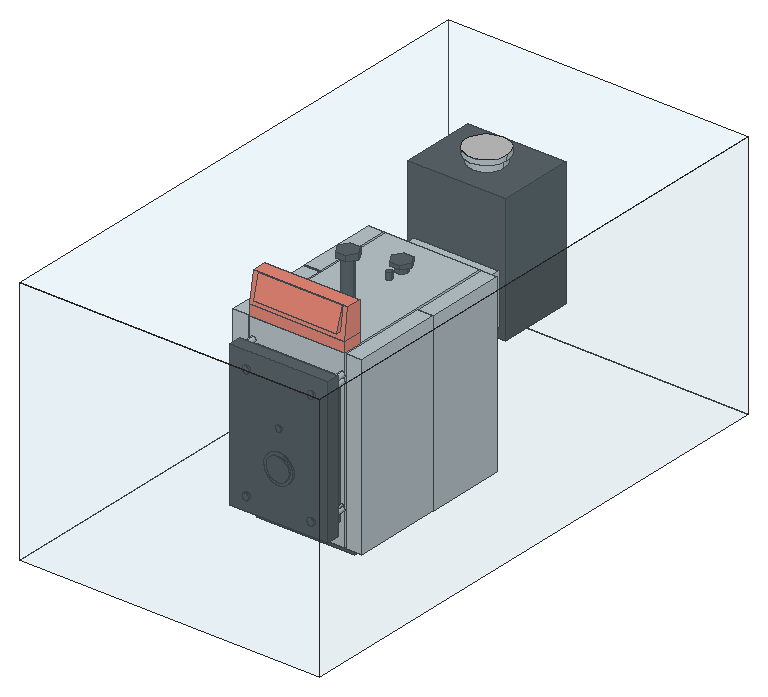
Revit family "VIESSMANN - Vitoradial 300-T", category Wyposażenie mechaniczne, Revit 2017
Family settings
  Wymiar okrągłego złącza = Użyj średnicy
  Typ części = Normalny
  Numer OmniClass = 23.15.30.27.21
  Tytuł OmniClass = Gas Tanks and Gasholders
  Oparty na płaszczyźnie roboczej = Nie
  Zawsze pionowo = Tak
  Tnij formami wycięć po wczytaniu = Tak
  Współdzielony = Nie
  Punkt obliczania pomieszczeń = Nie
Parameters (values of type "VR3 101kW")
  Średnica a = 2 * Promień a  # 135 mm
  Viessmann Kolor 4 = Viessmann Kolor 4
  Promień b = 85 mm
  Promień a = 67.5 mm
  Wysokość e = 650 mm
  Wysokość d = 440 mm
  Wysokość = 1085 mm
  Szerokość = 755 mm
  Strefa serwisowa [instance] = yes
  Długość WT = 440 mm
  r+62 = Występ króćca spalin bez WT + 62 mm  # 237 mm
  Występ króćca spalin bez WT = 175 mm
  Wysokośc przyłącza splain bez WT = 1460 mm
  Szerokość podestu = 575 mm
  Wysokość konsoli = 1315 mm
  Znamionowe obciążenie cieplne = 97000 W
  Wysokość spustu = 200 mm
  Wysokość króćća zasilania z kotła = 1145 mm
  Wysokość fundamentu = 100 mm  # constant formula
  Wysokośc powrotu do kotła = 1370 mm
  Viessmann Kolor 3 = Viessmann Kolor 3
  Viessmann Kolor 2 = Viessmann Kolor 2
  Viessmann Kolor 1 = Viessmann Kolor 1
  URL = "https://www.viessmann-projektant.pl/baza-urzadzen/kotly-stojace-sredniej-i-duzej-mocy-70-kw/vitoradial300tvr3"
  Szerokość fundamentu = 760 mm
  Straty energii dyżurnej qB,70 = "1.5 %"
  Spust = 1 1/4"  # constant formula
  Sprawność znormalizowana (do eksploatacji na olej opałowy) przy temp. systemu grzewczego 75/60°C = "97 (Hs)/103 (Hi) [%]"  # constant formula
  Przyłącze zabezpieczające (zawór bezpieczeństwa) = 1 1/4"
  Przyłącze spalin = 200 mm  # constant formula
  Przepływ maksymalny = ((Moc nominalna / 20 W) * 0.24 L/s) / 1000  # 1.212 L/s
  Producent = "Viessmann Sp.z.o.o."  # constant formula
  Pojemność wodna kotła = 185.0 L
  Parametry spalin - temperatura (przy temp. wody na powrocie wyn. 60°C) = 60 °C
  Parametry spalin - przy znamionowej mocy cieplnej (przy temp. wody na powrocie wyn. 30°C) = 35 °C
  Parametry spalin - przy obciążeniu częściowym (przy temp. wody na powrocie wyn. 30°C) = 30 °C
  Parametry spalin - przepływ masowy spalin w przypadku gazu ziemnego = "1.5225 x moc spalania w kW"  # constant formula
  Parametry spalin - przepływ masowy przy zastosowaniu lekkiego oleju opałowego = "1.5 x moc spalania w kW"  # constant formula
  Parametry spalin - dyspozycyjne ciśnienie tłoczenia na króćcu spalin = 70.0 Pa  # constant formula
  PN 6 DN - zasilanie z kotła = 65 mm
  PN 6 DN - powrót do kotła = 65 mm
  Opór przepływu spalin = 55.0 Pa
  Opory przepływu = 220.0 Pa
  Opis indeksowy = "CE-0035BU104"  # constant formula
  Opis = "Olejowo-gazowy kocioł grzewczy"  # constant formula
  Odsunięcie strefy serwisowej z przodu = 800 mm
  Odsunięcie przyłącza zabezpieczającego = 320 mm
  Odsunięcie powrotu do kotła = 620 mm
  Odsunięcie króćca zasilania z kotła = 165 mm
  Numer identyfikacyjny produktu = "CE-0035BU104"  # constant formula
  Model = "Olejowo-gazowy kocioł kondensacyjny Viessmann Vitoradial 300-T VR3 101kW / Oil-gas condensing boiler Viessmann Vitoradial 300-T VR3 101kW"
  Moc nominalna = 101000 W
  Masa korpusu kotła = 370.00 kg
  Masa całkowita = 510.00 kg
  Długość fundamentu = 1000 mm
  Długość = 1300 mm
  Dop. temperatura na zasilaniu (=temperatura progowa) = 110 °C  # constant formula
  Dop. ciśnienie robocze = 400000.0 Pa  # constant formula
  Autor = "https://www.archispace.pl/"
  (t-q)+o = 195 mm
Types (6, lengths in mm): name | Średnica a | Promień b | Promień a | Wysokość e | Wysokość d | Wysokość | Szerokość | Długość WT | Wysokośc przyłącza splain bez WT | Szerokość podestu | Wysokość konsoli | Znamionowe obciążenie cieplne | Wysokość spustu | Wysokość króćća zasilania z kotła | Wysokośc powrotu do kotła | Szerokość fundamentu | Straty energii dyżurnej qB,70 | Przyłącze zabezpieczające (zawór bezpieczeństwa) | Przepływ maksymalny | Pojemność wodna kotła | Parametry spalin - temperatura (przy temp. wody na powrocie wyn. 60°C) | Parametry spalin - przy znamionowej mocy cieplnej (przy temp. wody na powrocie wyn. 30°C) | Parametry spalin - przy obciążeniu częściowym (przy temp. wody na powrocie wyn. 30°C) | PN 6 DN - zasilanie z kotła | PN 6 DN - powrót do kotła | Opór przepływu spalin | Opory przepływu | Odsunięcie strefy serwisowej z przodu | Odsunięcie przyłącza zabezpieczającego | Odsunięcie powrotu do kotła | Odsunięcie króćca zasilania z kotła | Model | Moc nominalna | Masa korpusu kotła | Masa całkowita | Długość fundamentu | Długość | (t-q)+o
  VR3 101kW | 135 | 85 | 67.5 | 650 | 440 | 1085 | 755 | 440 | 1460 | 575 | 1315 | 97000 W | 200 | 1145 | 1370 | 760 | "1.5 %" | 1 1/4" | 1.212 L/s | 185.0 L | 60 °C | 35 °C | 30 °C | 65 | 65 | 55.0 Pa | 220.0 Pa | 800 | 320 | 620 | 165 | "Olejowo-gazowy kocioł kondensacyjny Viessmann Vitoradial 300-T VR3 101kW / Oil-gas condensing boiler Viessmann Vitoradial 300-T VR3 101kW" | 101000 W | 370.00 kg | 510.00 kg | 1000 | 1300 | 195
  VR3 129kW | 240 | 135 | 120 | 650 | 440 | 1085 | 755 | 440 | 1460 | 575 | 1315 | 124000 W | 200 | 1145 | 1370 | 760 | "1.2 %" | 1 1/4" | 1.548 L/s | 225.0 L | 60 °C | 40 °C | 35 °C | 65 | 65 | 80.0 Pa | 350.0 Pa | 950 | 395 | 825 | 165 | "Olejowo-gazowy kocioł kondensacyjny Viessmann Vitoradial 300-T VR3 129kW / Oil-gas condensing boiler Viessmann Vitoradial 300-T VR3 129kW" | 129000 W | 405.00 kg | 545.00 kg | 1200 | 1500 | 190
  VR3 157kW | 240 | 135 | 120 | 650 | 440 | 1115 | 825 | 440 | 1480 | 650 | 1350 | 151000 W | 190 | 1180 | 1405 | 830 | "1.1 %" | 1 1/4" | 1.884 L/s | 265.0 L | 65 °C | 45 °C | 40 °C | 65 | 65 | 120.0 Pa | 500.0 Pa | 950 | 325 | 810 | 150 | "Olejowo-gazowy kocioł kondensacyjny Viessmann Vitoradial 300-T VR3 157kW / Oil-gas condensing boiler Viessmann Vitoradial 300-T VR3 157kW" | 157000 W | 460.00 kg | 610.00 kg | 1200 | 1485 | 190
  VR3 201kW | 240 | 135 | 120 | 670 | 420 | 1115 | 825 | 565 | 1480 | 650 | 1350 | 194000 W | 190 | 1180 | 1405 | 830 | "1.0 %" | 1 1/4" | 2.412 L/s | 310.0 L | 60 °C | 40 °C | 35 °C | 65 | 65 | 180.0 Pa | 800.0 Pa | 1100 | 425 | 1010 | 150 | "Olejowo-gazowy kocioł kondensacyjny Viessmann Vitoradial 300-T VR3 201kW / Oil-gas condensing boiler Viessmann Vitoradial 300-T VR3 201kW" | 201000 W | 520.00 kg | 680.00 kg | 1400 | 1680 | 190
  VR3 263kW | 240 | 135 | 120 | 670 | 420 | 1225 | 905 | 565 | 1580 | 730 | 1460 | 254000 W | 135 | 1285 | 1510 | 900 | "1.0 %" | 1 1/2" | 3.156 L/s | 490.0 L | 70 °C | 40 °C | 35 °C | 65 | 65 | 240.0 Pa | 1200.0 Pa | 1100 | 610 | 1180 | 155 | "Olejowo-gazowy kocioł kondensacyjny Viessmann Vitoradial 300-T VR3 263kW / Oil-gas condensing boiler Viessmann Vitoradial 300-T VR3 263kW" | 263000 W | 700.00 kg | 870.00 kg | 1650 | 1905 | 215
  VR3 335kW | 240 | 135 | 120 | 670 | 420 | 1225 | 905 | 565 | 1580 | 730 | 1460 | 323000 W | 135 | 1285 | 1510 | 900 | "0.9 %" | 1 1/2" | 4.02 L/s | 450.0 L | 70 °C | 45 °C | 40 °C | 80 | 80 | 275.0 Pa | 1000.0 Pa | 1300 | 610 | 1180 | 155 | "Olejowo-gazowy kocioł kondensacyjny Viessmann Vitoradial 300-T VR3 335kW / Oil-gas condensing boiler Viessmann Vitoradial 300-T VR3 335kW" | 335000 W | 800.00 kg | 970.00 kg | 1650 | 1905 | 215
Reference planes
  plane 1 "Środek (Przód/Tył)": y = 0
  plane 2: z = 0
  plane 3 "Środek (Lewa/Prawa)": x = 0
  plane 4: y = -1300
  plane 5: z = 1085
  plane 6: x = -377.5
  plane 7: x = 377.5
  plane 8: z = 60
  plane 9: x = 287.5
  plane 10: x = -287.5
  plane 11: y = -237
  plane 12: y = -1165
  plane 13: y = -175
  plane 14: y = -640.59
  plane 15: z = 1315
  plane 16: y = 440
  plane 17: z = 1460
  plane 18: y = 220
  plane 19: y = -795
  plane 20: y = -402
  plane 21: z = 1145
  plane 22: y = -1105
  plane 23: z = 1370
  plane 24: y = -495
  plane 25: z = 200
  plane 26: y = 1040
  plane 27: x = -877.5
  plane 28: x = 877.5
  plane 29: y = -2100
  plane 30: z = 440
  plane 31: z = 650
  plane 32: y = -1305
  plane 33: y = -1310
Forms (mm)
  Extrusion 1, solid, material "Viessmann Kolor 3" <- "Viessmann Kolor 3", detail levels medium+fine
    sketch origin (0, 0, 0) x (0, 1, 0) y (0, 0, 1)
      loop
        line (-1105, 60) -> (-1105, 0) -> (-237, 0) -> (-237, 60) -> (-1105, 60)
    from -287.5 to 287.5
  Extrusion 2, solid, material "Viessmann Kolor 3", detail levels fine
    sketch origin (0, 0, 0) x (1, 0, 0) y (0, 0, 1)
      loop
        line (-287.5, 995) -> (-287.5, 150) -> (287.5, 150) -> (287.5, 995) -> (-287.5, 995)
    from 1226.975 to 1300
  Extrusion 3, solid, material "Viessmann Kolor 3", detail levels fine
    sketch origin (0, 0, 0) x (1, 0, 0) y (0, 0, 1)
      loop
        line (-247.5, 955) -> (-247.5, 188.982) -> (247.5, 188.982) -> (247.5, 955) -> (-247.5, 955)
    from 1165 to 1226.975
  Sweep 4, solid, material "Viessmann Kolor 3" <- "Viessmann Kolor 3", detail levels fine
    path origin (0, 0, 0) x (0, 1, 0) y (0, 0, 1)
      loop
        line (-1300, 884.025) -> (-1307.049, 884.025)
    profile origin (0, -1303.524, 884.025) x (0, 0, -1) y (1, 0, 0)
      loop
        circle (655.043, -190) r 20
      loop
        circle (655.043, 190) r 20
      loop
        circle (-10.975, 190) r 20
      loop
        circle (-10.975, -190) r 20
  Sweep 5, solid, material "Viessmann Kolor 2" <- "Viessmann Kolor 2", detail levels fine
    path origin (0, 0, 0) x (0, 1, 0) y (0, 0, 1)
      loop
        line (-1226.975, 744.378) -> (-1165, 744.378)
    profile origin (0, -1195.988, 744.378) x (0, 0, 1) y (1, 0, 0)
      loop
        circle (222.792, 262.5) r 15
      loop
        circle (187.792, 262.5) r 15
      loop
        circle (222.792, -262.5) r 15
      loop
        circle (187.792, -262.5) r 15
      loop
        line (-493.858, 247.5) -> (-473.858, 247.5) -> (-473.858, 267.5)
        arc (-473.858, 267.5) -> (-483.858, 277.5) -> (-493.858, 267.5) r 10
        line (-493.858, 267.5) -> (-493.858, 247.5)
      loop
        line (-460.442, 247.5) -> (-460.442, 260.474)
        arc (-460.442, 260.474) -> (-465.442, 265.474) -> (-470.442, 260.474) r 5
        line (-470.442, 260.474) -> (-470.442, 247.5) -> (-460.442, 247.5)
      loop
        line (-493.858, -247.5) -> (-493.858, -267.5)
        arc (-493.858, -267.5) -> (-483.858, -277.5) -> (-473.858, -267.5) r 10
        line (-473.858, -267.5) -> (-473.858, -247.5) -> (-493.858, -247.5)
      loop
        line (-460.442, -247.5) -> (-470.442, -247.5) -> (-470.442, -260.474)
        arc (-470.442, -260.474) -> (-465.442, -265.474) -> (-460.442, -260.474) r 5
        line (-460.442, -260.474) -> (-460.442, -247.5)
  Extrusion 6, solid, material "Viessmann Kolor 2" <- "Viessmann Kolor 2", detail levels medium+fine
    sketch origin (0, 0, 0) x (0, 1, 0) y (0, 0, 1)
      loop
        line (-1165, 1085) -> (-1165, 60) -> (-175, 60) -> (-175, 1085) -> (-1165, 1085)
    from -377.5 to 377.5
  Sweep 7, void
    path origin (0, 0, 0) x (0, 1, 0) y (0, 0, 1)
      loop
        line (-1317.313, 60) -> (-1317.313, 1085)
    profile origin (0, -1317.313, 572.5) x (0, -1, 0) y (1, 0, 0)
      loop
        line (-167.313, 287.5) -> (-167.313, 277.5) -> (-152.313, 277.5) -> (-152.313, 287.5) -> (-167.313, 287.5)
      loop
        line (-167.313, -287.5) -> (-152.313, -287.5) -> (-152.313, -277.5) -> (-167.313, -277.5) -> (-167.313, -287.5)
  Sweep 8, void
    path origin (0, 0, 0) x (1, 0, 0) y (0, 1, 0)
      loop
        line (-277.5, -1150) -> (-277.5, -175)
    profile origin (-277.5, -662.5, 0) x (-1, 0, 0) y (0, 0, 1)
      loop
        line (-565, 1085) -> (-565, 1070.949) -> (-555, 1070.949) -> (-555, 1085) -> (-565, 1085)
      loop
        line (10, 1085) -> (0, 1085) -> (0, 1072.246) -> (10, 1072.246) -> (10, 1085)
  Sweep 9, void
    path origin (0, 0, 0) x (0, 1, 0) y (0, 0, 1)
      loop
        line (-640.59, 60) -> (-640.59, 1085)
    profile origin (0, -640.59, 572.5) x (0, -1, 0) y (1, 0, 0)
      loop
        line (-3.219, -377.5) -> (3.695, -377.5) -> (3.695, -277.5) -> (-3.219, -277.5) -> (-3.219, -377.5)
      loop
        line (-3.219, 377.5) -> (-3.219, 277.5) -> (3.695, 277.5) -> (3.695, 377.5) -> (-3.219, 377.5)
      loop
        line (527.084, -377.5) -> (533.997, -377.5) -> (533.997, -277.5) -> (527.084, -277.5) -> (527.084, -377.5)
      loop
        line (527.084, 377.5) -> (527.084, 277.5) -> (533.997, 277.5) -> (533.997, 377.5) -> (527.084, 377.5)
  Extrusion 10, solid, material "Viessmann Kolor 4" <- "Viessmann Kolor 4", detail levels fine
    sketch origin (0, 0, 0) x (0, 1, 0) y (0, 0, 1)
      loop
        line (-1165, 1085) -> (-1060, 1085) -> (-1060, 1145) -> (-1165, 1145) -> (-1165, 1085)
    from -277.5 to 277.5
  Extrusion 11, solid, material "Viessmann Kolor 4" <- "Viessmann Kolor 4", detail levels fine
    sketch origin (0, 0, 0) x (0, 1, 0) y (0, 0, 1)
      loop
        line (-1165, 1145) -> (-1060, 1145) -> (-1060, 1315) -> (-1141.61, 1315) -> (-1165, 1145)
    from -277.5 to 277.5
  Extrusion 12, solid, material "Viessmann Kolor 4" <- "Viessmann Kolor 4", detail levels fine
    sketch origin (0, 0, 0) x (0, 1, 0) y (0, 0, 1)
      loop
        line (-1141.61, 1315) -> (-1180.199, 1180.423) -> (-1160.126, 1180.423) -> (-1141.61, 1315)
    from -243.86 to 243.801
  Extrusion 13, solid, material "Viessmann Kolor 2" <- "Viessmann Kolor 2", detail levels medium+fine
    sketch origin (0, 0, 0) x (0, 1, 0) y (0, 0, 1)
      loop
        line (-175, 994.123) -> (-175, 607.432) -> (-97.8, 607.432) -> (0, 705.232) -> (0, 994.123) -> (-175, 994.123)
    from -247.5 to 247.5
  Extrusion 14, solid, material "Viessmann Kolor 3"
    sketch origin (0, 0, 0) x (0, 1, 0) y (0, 0, 1)
      loop
        line (0, 1385) -> (0, 642.437) -> (440, 642.437) -> (440, 1385) -> (0, 1385)
    from -287.5 to 287.5
  Extrusion 15, solid, material "Viessmann Kolor 2" <- "Viessmann Kolor 2"
    sketch origin (0, 0, 0) x (1, 0, 0) y (0, 1, 0)
      loop
        circle (0, 220) r 100
    from 1385 to 1460
  Extrusion 16, solid, material "Viessmann Kolor 3" <- "Viessmann Kolor 3"
    sketch origin (0, 0, 0) x (1, 0, 0) y (0, 1, 0)
      loop
        circle (0, -402) r 32.5
    from 1085 to 1145
  Extrusion 17, solid, material "Viessmann Kolor 3" <- "Viessmann Kolor 3"
    sketch origin (0, 0, 0) x (1, 0, 0) y (0, 1, 0)
      loop
        circle (0, -402) r 32.5
      loop
        line (-60.089, -401.846) -> (-30, -453.962) -> (30, -453.962) -> (60, -402) -> (30, -350.038) -> (-30.178, -350.038) -> (-60.089, -401.846)
    from 1121.392 to 1145
  Extrusion 18, solid, material "Viessmann Kolor 3" <- "Viessmann Kolor 3"
    sketch origin (0, 0, 0) x (1, 0, 0) y (0, 1, 0)
      loop
        circle (0, -795) r 32.5
    from 1085 to 1370
  Extrusion 19, solid, material "Viessmann Kolor 3" <- "Viessmann Kolor 3"
    sketch origin (0, 0, 0) x (1, 0, 0) y (0, 1, 0)
      loop
        line (-60, -795) -> (-30, -846.962) -> (30, -846.962) -> (60, -795) -> (30, -743.038) -> (-30, -743.038) -> (-60, -795)
    from 1335.367 to 1370
  Extrusion 20, solid, material "Viessmann Kolor 3" <- "Viessmann Kolor 3"
    sketch origin (0, 0, 0) x (1, 0, 0) y (0, 1, 0)
      loop
        circle (0, -495) r 15.875
    from 1085 to 1121.392
  Extrusion 21, solid, material "Viessmann Kolor 3" <- "Viessmann Kolor 3"
    sketch origin (0, 0, 0) x (1, 0, 0) y (0, 0, 1)
      loop
        circle (0, 200) r 15.875
    from 160.29 to 175
  Extrusion 22, solid, material "Viessmann Kolor 4" <- "Viessmann Kolor 4", detail levels medium
    sketch origin (0, 0, 0) x (0, 1, 0) y (0, 0, 1)
      loop
        line (-1060, 1315) -> (-1165, 1315) -> (-1165, 1085) -> (-1060, 1085) -> (-1060, 1315)
    from -277.5 to 277.5
  Extrusion 23, solid, material "Viessmann Kolor 3" <- "Viessmann Kolor 3", detail levels medium
    sketch origin (0, 0, 0) x (0, 1, 0) y (0, 0, 1)
      loop
        line (-1300, 995) -> (-1300, 60) -> (-1165, 60) -> (-1165, 995) -> (-1300, 995)
    from -287.5 to 287.5
  Extrusion 24, solid, material "Viessmann Kolor 2" <- "Viessmann Kolor 2", detail levels coarse
    sketch origin (0, 0, 0) x (0, 1, 0) y (0, 0, 1)
      loop
        line (-1300, 1085) -> (-1300, 0) -> (-175, 0) -> (-175, 1085) -> (-1300, 1085)
    from -377.5 to 377.5
  Extrusion 25, solid, material "Viessmann Kolor 2" <- "Viessmann Kolor 2"
    sketch origin (0, 0, 0) x (1, 0, 0) y (0, 1, 0)
      loop
        circle (0, 220) r 120
    from 1432.455 to 1460
  Extrusion 26, solid, material "Viessmann Strefy Serwisowe", visible <- "Strefa serwisowa"
    sketch origin (0, 0, 0) x (1, 0, 0) y (0, 1, 0)
      loop
        line (-877.5, 1040) -> (-877.5, -2100) -> (877.5, -2100) -> (877.5, 1040) -> (-877.5, 1040)
    from 0 to 1460
  Extrusion 27, solid, material "Viessmann Kolor 2" <- "Viessmann Kolor 2", detail levels coarse
    sketch origin (0, 0, 0) x (0, 1, 0) y (0, 0, 1)
      loop
        line (-175, 994.123) -> (-175, 607.432) -> (0, 607.432) -> (0, 994.123) -> (-175, 994.123)
    from -247.5 to 247.5
  Extrusion 28, solid, material "Viessmann Kolor 3" <- "Viessmann Kolor 3", detail levels fine
    sketch origin (0, 0, 0) x (1, 0, 0) y (0, 0, 1)
      loop
        circle (0, 440) r 85
    from 1300 to 1305
  Extrusion 29, solid, material "Viessmann Kolor 3" <- "Viessmann Kolor 3", detail levels fine
    sketch origin (0, 0, 0) x (1, 0, 0) y (0, 0, 1)
      loop
        circle (0, 440) r 67.5
    from 1310 to 1300
  Extrusion 30, solid, material "Viessmann Kolor 3" <- "Viessmann Kolor 3"
    sketch origin (0, 0, 405.981) x (1, 0, 0) y (0, 0, 1)
      loop
        circle (0, 244.019) r 15.875
    from 1300 to 1305
  Extrusion 31, solid, material "Viessmann Kolor 3" <- "Viessmann Kolor 3", detail levels coarse+medium
    sketch origin (0, 0, 0) x (1, 0, 0) y (0, 0, 1)
      loop
        circle (0, 440) r 85
    from 1300 to 1310
Cuts and joins
  joined: Extrusion 2, Extrusion 3
  Sweep 7, Sweep 8, Sweep 9 cuts Extrusion 6
  joined: Extrusion 15, Extrusion 25
  joined: Extrusion 16, Extrusion 17
  joined: Extrusion 18, Extrusion 19
  joined: Extrusion 28, Extrusion 29
Dimensions and locks
  "Długość": plane 4 to plane 1 "Środek (Przód/Tył)"
  "Wysokość": plane 5 to level
  equal spacing: plane 7, plane 3 "Środek (Lewa/Prawa)", plane 6
  "Szerokość": plane 7 to plane 6
  locked: plane 8 to level at 60
  equal spacing: plane 9, plane 3 "Środek (Lewa/Prawa)", plane 10
  "Szerokość podestu": plane 9 to plane 10
  "r+62": plane 11 to plane 1 "Środek (Przód/Tył)"
  locked: plane 4 to plane 12 at 135
  locked: Extrusion 2 sketch curve to plane 6 at 90
  locked: Extrusion 2 sketch curve to plane 7 at 90
  locked: plane 5 to Extrusion 2 sketch curve at 90
  locked: Extrusion 2 sketch curve to plane 8 at 90
  locked: Extrusion 3 sketch curve to Extrusion 2 at 40  (x2)
  locked: Extrusion 3 sketch curve to Extrusion 2 at 38.982
  locked: Extrusion 2 to Extrusion 3 sketch curve at 40
  locked: cut or joined group of Extrusion 2, Extrusion 3 to plane 12 at 61.975
  locked: Sweep 4 sketch curve to Sweep 4 sketch curve at 7.049
  locked: Sweep 4 sketch curve to plane 6 at 187.5  (x2)
  locked: plane 7 to Sweep 4 sketch curve at 187.5  (x2)
  locked: plane 7 to Sweep 5 sketch curve at 115  (x2)
  locked: Sweep 5 sketch curve to plane 6 at 115  (x2)
  locked: Sweep 5 sketch curve to plane 7 at 130
  locked: plane 7 to Sweep 5 sketch curve at 130
  locked: Sweep 5 sketch curve to plane 6 at 130  (x2)
  "Występ króćca spalin bez WT": plane 13 to plane 1 "Środek (Przód/Tył)"
  locked: Sweep 4 sketch curve to cut or joined group of Extrusion 2, Extrusion 3 at 78.982  (x2)
  Sweep 7 sketch curve to Sweep 7 sketch curve to plane 12 = 15 mm locked, 0 mm locked
  plane 6 to Sweep 8 sketch curve to Sweep 8 sketch curve = 90 mm locked, 10 mm locked
  Sweep 8 sketch curve to Sweep 8 sketch curve to plane 7 = 10 mm locked, 90 mm locked
  Sweep 9 sketch curve to plane 6 to Sweep 9 sketch curve = 0 mm locked, 100 mm locked
  Sweep 9 sketch curve to Sweep 9 sketch curve to plane 7 = 100 mm locked, 0 mm locked
  plane 6 to Sweep 7 sketch curve to Sweep 7 sketch curve = 90 mm locked, 10 mm locked
  Sweep 7 sketch curve to Sweep 7 sketch curve to plane 7 = 10 mm locked, 90 mm locked
  "Wysokość konsoli": plane 15 to level
  "Długość WT": plane 1 "Środek (Przód/Tył)" to plane 16
  "Wysokośc przyłącza splain bez WT": plane 17 to level
  "Odsunięcie króćca zasilania z kotła": plane 20 to plane 11
  "Wysokość króćća zasilania z kotła": plane 21 to level
  locked: Extrusion 17 to Extrusion 17 at 23.608
  "(t-q)+o": plane 4 to plane 22
  "Odsunięcie powrotu do kotła": plane 19 to plane 13
  "Wysokośc powrotu do kotła": plane 23 to level
  locked: plane 23 to Extrusion 19 at 34.633
  "Odsunięcie przyłącza zabezpieczającego": plane 24 to plane 13
  "Wysokość spustu": level to plane 25
  Extrusion 21 to plane 13 to Extrusion 21 = 0 mm locked, 14.71 mm locked
  locked: plane 17 to Extrusion 14 at 75
  locked: Extrusion 25 to plane 17 at 27.545
  locked: plane 26 to plane 16 at 600
  plane 27 to plane 6 = 500 mm
  plane 7 to plane 28 = 500 mm
  "Odsunięcie strefy serwisowej z przodu": plane 4 to plane 29
  locked: Extrusion 17 sketch curve to plane 20 at 51.962  (x2)
  locked: Extrusion 19 sketch curve to plane 19 at 51.962  (x2)
  "Wysokość d": plane 30 to plane 2
  "Wysokość e": plane 31 to plane 2
  locked: plane 32 to plane 4 at 5
  locked: plane 33 to plane 4 at 10
  Extrusion 30 to Extrusion 30 = 5 mm
  "PN 6 DN - zasilanie z kotła": diameter of Extrusion 16 sketch curve
  "PN 6 DN - zasilanie z kotła": diameter of Extrusion 17 sketch curve
  "PN 6 DN - powrót do kotła": diameter of Extrusion 18 sketch curve
  "Przyłącze zabezpieczające (zawór bezpieczeństwa)": diameter of Extrusion 20 sketch curve
  "Spust": diameter of Extrusion 21 sketch curve
  "Przyłącze spalin": diameter of Extrusion 15 sketch curve
  "Promień b": radius of Extrusion 28 sketch curve
  "Promień a": radius of Extrusion 29 sketch curve
  "Promień b": radius of Extrusion 31 sketch curve
  aligned and locked: level to plane 2
  aligned and locked: Extrusion 1 sketch curve to plane 8
  aligned and locked: level to Extrusion 1 sketch curve
  aligned and locked: Extrusion 1 sketch curve to plane 11
  aligned and locked: plane 9 to Extrusion 1
  aligned and locked: Extrusion 1 to plane 10
  aligned and locked: Extrusion 2 to plane 4
  aligned and locked: Extrusion 3 to Extrusion 2
  aligned and locked: plane 12 to Extrusion 3
  aligned and locked: plane 4 to Sweep 4 sketch curve
  aligned and locked: cut or joined group of Extrusion 2, Extrusion 3 to Sweep 5 sketch curve
  aligned and locked: plane 12 to Sweep 5 sketch curve
  aligned and locked: Extrusion 6 sketch curve to plane 5
  aligned and locked: Extrusion 6 sketch curve to plane 13
  aligned and locked: plane 8 to Extrusion 6 sketch curve
  aligned and locked: plane 12 to Extrusion 6 sketch curve
  aligned and locked: plane 7 to Extrusion 6
  aligned and locked: Extrusion 6 to plane 6
  aligned and locked: plane 5 to Sweep 7 sketch curve
  aligned and locked: plane 8 to Sweep 7 sketch curve
  aligned and locked: plane 13 to Sweep 8 sketch curve
  aligned and locked: cut or joined group of Extrusion 6, Sweep 7, Sweep 8, Sweep 9 to Sweep 8 sketch curve
  aligned and locked: Sweep 8 sketch curve to plane 5
  aligned and locked: plane 5 to Sweep 8 sketch curve
  aligned and locked: plane 5 to Sweep 9 sketch curve
  aligned and locked: plane 8 to Sweep 9 sketch curve
  aligned and locked: Extrusion 10 sketch curve to plane 12
  aligned and locked: Extrusion 10 sketch curve to plane 5
  aligned and locked: Extrusion 10 to cut or joined group of Extrusion 6, Sweep 7, Sweep 8, Sweep 9  (x2)
  aligned and locked: Extrusion 11 to plane 15
  aligned and locked: cut or joined group of Extrusion 6, Sweep 7, Sweep 8, Sweep 9 to Extrusion 11
  aligned and locked: Extrusion 11 to cut or joined group of Extrusion 6, Sweep 7, Sweep 8, Sweep 9
  aligned and locked: Extrusion 10 to Extrusion 11
  aligned and locked: Extrusion 12 sketch curve to Extrusion 11
  aligned and locked: plane 13 to Extrusion 13 sketch curve
  aligned and locked: plane 1 "Środek (Przód/Tył)" to Extrusion 13 sketch curve
  aligned and locked: cut or joined group of Extrusion 2, Extrusion 3 to Extrusion 13
  aligned and locked: Extrusion 13 to cut or joined group of Extrusion 2, Extrusion 3
  aligned and locked: Extrusion 14 sketch curve to plane 1 "Środek (Przód/Tył)"
  aligned and locked: Extrusion 14 sketch curve to plane 16
  aligned and locked: cut or joined group of Extrusion 2, Extrusion 3 to Extrusion 14
  aligned and locked: Extrusion 14 to cut or joined group of Extrusion 2, Extrusion 3
  aligned and locked: plane 3 "Środek (Lewa/Prawa)" to Extrusion 15 sketch curve
  aligned and locked: plane 18 to Extrusion 15 sketch curve
  aligned and locked: plane 17 to Extrusion 15
  aligned and locked: Extrusion 15 to Extrusion 14
  aligned and locked: plane 21 to Extrusion 16
  aligned and locked: Extrusion 16 to plane 5  (x2)
  aligned and locked: plane 3 "Środek (Lewa/Prawa)" to Extrusion 17 sketch curve
  aligned and locked: Extrusion 17 to Extrusion 10
  aligned and locked: plane 21 to Extrusion 17
  aligned and locked: Extrusion 1 to plane 22
  aligned and locked: plane 6 to Sweep 9 sketch curve
  aligned and locked: cut or joined group of Extrusion 6, Sweep 7, Sweep 8, Sweep 9 to Sweep 9 sketch curve  (x2)
  aligned and locked: plane 7 to Sweep 9 sketch curve
  aligned and locked: plane 3 "Środek (Lewa/Prawa)" to Extrusion 18 sketch curve
  aligned and locked: plane 19 to Extrusion 18 sketch curve
  aligned and locked: plane 23 to Extrusion 18
  aligned and locked: Extrusion 18 to plane 5
  aligned and locked: Extrusion 19 to plane 23
  aligned and locked: plane 3 "Środek (Lewa/Prawa)" to Extrusion 20 sketch curve
  aligned and locked: plane 24 to Extrusion 20 sketch curve
  aligned and locked: Extrusion 20 to plane 5
  aligned and locked: Extrusion 17 to Extrusion 20
  aligned and locked: plane 3 "Środek (Lewa/Prawa)" to Extrusion 21 sketch curve
  aligned and locked: plane 25 to Extrusion 21 sketch curve
  aligned and locked: Extrusion 21 to plane 13
  aligned and locked: Extrusion 22 sketch curve to plane 5
  aligned and locked: Extrusion 22 sketch curve to Extrusion 11
  aligned and locked: Extrusion 22 sketch curve to Extrusion 10
  aligned and locked: Extrusion 22 sketch curve to plane 15
  aligned and locked: Extrusion 22 to Extrusion 10
  aligned and locked: Extrusion 22 to cut or joined group of Extrusion 6, Sweep 7, Sweep 8, Sweep 9
  aligned and locked: plane 4 to Extrusion 23 sketch curve
  aligned and locked: cut or joined group of Extrusion 6, Sweep 7, Sweep 8, Sweep 9 to Extrusion 23 sketch curve
  aligned and locked: Extrusion 23 sketch curve to cut or joined group of Extrusion 2, Extrusion 3
  aligned and locked: plane 8 to Extrusion 23 sketch curve
  aligned and locked: Extrusion 23 to plane 10
  aligned and locked: plane 9 to Extrusion 23
  aligned and locked: level to Extrusion 24 sketch curve
  aligned and locked: plane 4 to Extrusion 24 sketch curve
  aligned and locked: Extrusion 24 sketch curve to plane 5
  aligned and locked: Extrusion 24 to plane 6
  aligned and locked: plane 7 to Extrusion 24
  aligned and locked: plane 3 "Środek (Lewa/Prawa)" to Extrusion 25 sketch curve
  aligned and locked: plane 18 to Extrusion 25 sketch curve
  aligned and locked: plane 17 to Extrusion 25
  aligned and locked: Extrusion 26 sketch curve to plane 29
  aligned and locked: plane 27 to Extrusion 26 sketch curve
  aligned and locked: Extrusion 26 sketch curve to plane 26
  aligned and locked: plane 13 to Extrusion 24
  aligned and locked: Extrusion 27 sketch curve to Extrusion 13  (x4)
  aligned and locked: Extrusion 27 to cut or joined group of Extrusion 2, Extrusion 3
  aligned and locked: cut or joined group of Extrusion 2, Extrusion 3 to Extrusion 27
  aligned and locked: plane 17 to Extrusion 26
  aligned and locked: plane 30 to Extrusion 28 sketch curve
  aligned and locked: plane 3 "Środek (Lewa/Prawa)" to Extrusion 28 sketch curve
  aligned and locked: Extrusion 28 to cut or joined group of Extrusion 2, Extrusion 3
  aligned and locked: Extrusion 29 to cut or joined group of Extrusion 2, Extrusion 3
  aligned and locked: Extrusion 28 to plane 32
  aligned and locked: Extrusion 29 to plane 33
  aligned and locked: plane 30 to Extrusion 29 sketch curve
  aligned and locked: plane 3 "Środek (Lewa/Prawa)" to Extrusion 29 sketch curve
  aligned and locked: plane 3 "Środek (Lewa/Prawa)" to Extrusion 30 sketch curve
  aligned and locked: plane 31 to Extrusion 30 sketch curve
  aligned and locked: plane 4 to Extrusion 30
  aligned and locked: Extrusion 30 to Extrusion 28
  aligned and locked: Extrusion 31 to plane 33
  aligned and locked: plane 4 to Extrusion 31
Automatic sketch dimensions
  Extrusion 1 sketch curve to plane 22 = 0 mm
  Sweep 4 sketch curve to plane 5 = 200.975 mm
  profile plane to Sweep 4 sketch curve = 10.975 mm  (x2)
  plane 31 to Sweep 5 sketch curve = 94.378 mm
  profile plane to Sweep 5 sketch curve = 493.858 mm  (x2)
  Sweep 5 sketch curve to Sweep 5 sketch curve = 10 mm  (x2)
  Sweep 5 sketch curve to Sweep 5 sketch curve = 3.415 mm  (x2)
  Sweep 5 sketch curve to Sweep 5 sketch curve = 5 mm  (x2)
  Sweep 5 sketch curve to profile plane = 187.792 mm  (x2)
  Sweep 5 sketch curve to Sweep 5 sketch curve = 35 mm  (x2)
  Sweep 5 sketch curve to Sweep 5 sketch curve = 20 mm
  Sweep 5 sketch curve to Sweep 5 sketch curve = 12.974 mm  (x2)
  Sweep 5 sketch curve to Sweep 5 sketch curve = 7.026 mm
  Sweep 7 sketch curve to plane 33 = 7.313 mm
  profile plane to Sweep 7 sketch curve = 167.313 mm
  Sweep 7 sketch curve to Sweep 7 sketch curve = 15 mm
  plane 10 to Sweep 8 sketch curve = 10 mm
  Sweep 8 sketch curve to Sweep 8 sketch curve = 12.754 mm
  Sweep 8 sketch curve to Sweep 8 sketch curve = 14.051 mm
  Sweep 9 sketch curve to plane 14 = 0 mm
  profile plane to Sweep 9 sketch curve = 3.219 mm  (x2)
  Sweep 9 sketch curve to profile plane = 3.695 mm  (x2)
  Sweep 9 sketch curve to Sweep 9 sketch curve = 523.389 mm  (x2)
  Sweep 9 sketch curve to Sweep 9 sketch curve = 6.914 mm  (x2)
  Extrusion 10 sketch curve to plane 21 = 0 mm
  plane 22 to Extrusion 10 sketch curve = 45 mm
  Extrusion 11 sketch curve to plane 12 = 0 mm
  plane 15 to Extrusion 11 sketch curve = 0 mm
  Extrusion 11 sketch curve to plane 21 = 0 mm
  plane 12 to Extrusion 11 sketch curve = 23.39 mm
  plane 22 to Extrusion 11 sketch curve = 45 mm
  plane 15 to Extrusion 12 sketch curve = 0 mm
  plane 12 to Extrusion 12 sketch curve = 4.874 mm
  Extrusion 12 sketch curve to plane 12 = 15.199 mm
  Extrusion 13 sketch curve to Extrusion 13 sketch curve = 77.2 mm
  Extrusion 13 sketch curve to plane 31 = 42.568 mm
  plane 31 to Extrusion 13 sketch curve = 55.232 mm
  Extrusion 13 sketch curve to plane 5 = 90.877 mm
  Extrusion 14 sketch curve to plane 31 = 7.563 mm
  plane 23 to Extrusion 14 sketch curve = 15 mm
  Extrusion 19 sketch curve to plane 19 = 0 mm  (x2)
  Extrusion 19 sketch curve to plane 3 "Środek (Lewa/Prawa)" = 60 mm
  Extrusion 19 sketch curve to plane 3 "Środek (Lewa/Prawa)" = 30 mm  (x2)
  plane 3 "Środek (Lewa/Prawa)" to Extrusion 19 sketch curve = 30 mm  (x2)
  Extrusion 19 sketch curve to Extrusion 19 sketch curve = 30 mm
  Extrusion 24 sketch curve to plane 13 = 0 mm
  Extrusion 26 sketch curve to plane 28 = 0 mm
  Extrusion 27 sketch curve to plane 13 = 0 mm
  Extrusion 16 sketch curve to plane 3 "Środek (Lewa/Prawa)" = 0 mm
  Extrusion 16 sketch curve to plane 20 = 0 mm
  Extrusion 17 sketch curve to plane 20 = 0 mm  (x2)
  Extrusion 17 sketch curve to plane 3 "Środek (Lewa/Prawa)" = 30 mm
  Extrusion 17 sketch curve to plane 3 "Środek (Lewa/Prawa)" = 30.178 mm
  plane 20 to Extrusion 17 sketch curve = 0.154 mm
  Extrusion 17 sketch curve to Extrusion 17 sketch curve = 29.911 mm
  plane 3 "Środek (Lewa/Prawa)" to Extrusion 17 sketch curve = 30 mm  (x2)
  Extrusion 17 sketch curve to Extrusion 17 sketch curve = 30 mm
  Extrusion 31 sketch curve to plane 3 "Środek (Lewa/Prawa)" = 0 mm
  Extrusion 31 sketch curve to plane 30 = 0 mm
  radius of Sweep 4 sketch curve = 20 mm  (x4)
  radius of Sweep 5 sketch curve = 15 mm  (x4)
  radius of Extrusion 25 sketch curve = 120 mm
  radius of Extrusion 30 sketch curve = 15.875 mm
Connectors
  piping at (0, -795, 1370), diameter 65, driven by "PN 6 DN - powrót do kotła", driven by "Przepływ maksymalny", driven by "Opory przepływu"
    settings: on cut or joined group of Extrusion 18, Extrusion 19, index 1, connector inside diameter 24", connector length 0 mm, flow factor 0, pipe flow 1.212 L/s, pressure drop 220.0 Pa, fitting loss kfactor 0, connector angle 0.00°, fixture units 0, engagement length 0 mm, angle of deflection 0.00°, flow configuration 0, flow direction 1, fitting loss method 4, system type 8, joint type 0, gender type 0, connector reference index -1, connector utility 0, adjustable connector no, is connector primary yes, connector description ""
  piping at (0, -495, 1121.392), diameter 31.75, driven by "Przyłącze zabezpieczające (zawór bezpieczeństwa)"
    settings: on Extrusion 20, index 2, connector inside diameter 24", connector length 0 mm, flow factor 0, pipe flow 0.0 L/s, pressure drop 0.0 Pa, fitting loss kfactor 0, connector angle 0.00°, fixture units 0, engagement length 0 mm, angle of deflection 0.00°, flow configuration 0, flow direction 0, fitting loss method 0, system type 28, joint type 0, gender type 0, connector reference index -1, connector utility 0, adjustable connector no, is connector primary no, connector description ""
  piping at (-0.045, -401.974, 1145), diameter 65, driven by "PN 6 DN - zasilanie z kotła", driven by "Przepływ maksymalny", driven by "Opory przepływu"
    settings: on cut or joined group of Extrusion 16, Extrusion 17, index 3, connector inside diameter 24", connector length 0 mm, flow factor 0, pipe flow 1.212 L/s, pressure drop 220.0 Pa, fitting loss kfactor 0, connector angle 0.00°, fixture units 0, engagement length 0 mm, angle of deflection 0.00°, flow configuration 0, flow direction 2, fitting loss method 4, system type 7, joint type 0, gender type 0, connector reference index -1, connector utility 0, adjustable connector no, is connector primary no, connector description ""
  piping at (0, -160.29, 200), diameter 31.75, driven by "Spust"
    settings: on Extrusion 21, index 4, connector inside diameter 24", connector length 0 mm, flow factor 0, pipe flow 0.0 L/s, pressure drop 0.0 Pa, fitting loss kfactor 0, connector angle 0.00°, fixture units 0, engagement length 0 mm, angle of deflection 0.00°, flow configuration 0, flow direction 0, fitting loss method 0, system type 28, joint type 0, gender type 0, connector reference index -1, connector utility 0, adjustable connector no, is connector primary no, connector description ""
  hvac at (0, 220, 1460), driven by "Przyłącze spalin"
    settings: on cut or joined group of Extrusion 15, Extrusion 25, index 5, duct flow 0.0 L/s, flow factor 0, pres drop 0.0 Pa, loss coef 0, conn angle 0.00°, conn width 304.8 mm, conn height 304.8 mm, conn diameter 200 mm, duct sys type 3, conn prof type 0, flow config 0, flow direction 2, loss method 4, conn ref index -1, conn util no, is conn primary yes, conn desc ""
  piping at (0, -1305, 650), diameter 31
    settings: on Extrusion 30, index 7, connector inside diameter 24", connector length 0 mm, flow factor 0, pipe flow 0.0 L/s, pressure drop 0.0 Pa, fitting loss kfactor 0, connector angle 0.00°, fixture units 0, engagement length 0 mm, angle of deflection 0.00°, flow configuration 0, flow direction 0, fitting loss method 0, system type 22, joint type 0, gender type 0, connector reference index -1, connector utility 0, adjustable connector no, is connector primary no, connector description ""
  piping at (0, -1310, 440), diameter 135, driven by "Średnica a"
    settings: on cut or joined group of Extrusion 28, Extrusion 29, index 8, connector inside diameter 24", connector length 0 mm, flow factor 0, pipe flow 0.0 L/s, pressure drop 0.0 Pa, fitting loss kfactor 0, connector angle 0.00°, fixture units 0, engagement length 0 mm, angle of deflection 0.00°, flow configuration 1, flow direction 1, fitting loss method 4, system type 22, joint type 0, gender type 0, connector reference index -1, connector utility 0, adjustable connector no, is connector primary no, connector description ""
